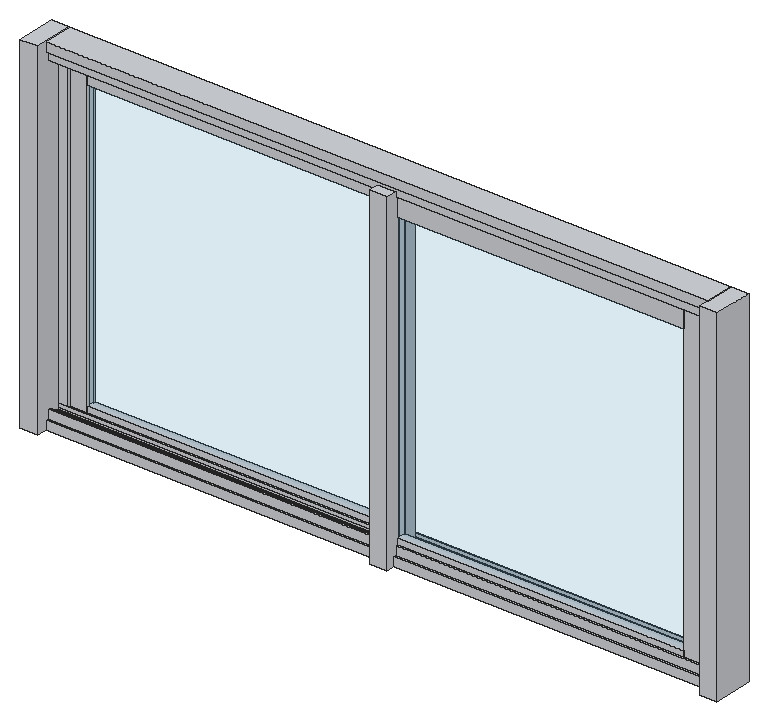
Revit family "Altitude® Sliding Window_SG&DG-XO_OX", category Windows, host Wall, Revit 2021 (continued)
Definition of nested family "DG Panel 1_APT42 APT19 APT20"
  Dimensions and locks
    equal spacing: plane 4, plane 3 "Center (Left/Right)", plane 13
    "Sash Width": plane 4 to plane 13
    "Height": plane 8 to plane 2
    locked: plane 4 to plane 6 at 58.505
    locked: plane 7 to plane 13 at 33
    locked: plane 14 to level at 47
    locked: plane 10 to plane 14 at 13
    plane 8 to plane 15 to plane 9 = 47.0000 mm locked, 13.0000 mm locked
    aligned and locked: level to plane 2
    aligned and locked: Extrusion 1 sketch curve to plane 16
    aligned and locked: Extrusion 1 sketch curve to plane 17
    aligned and locked: Extrusion 1 sketch curve to plane 18
    aligned and locked: Extrusion 1 sketch curve to plane 19
    aligned and locked: Extrusion 1 sketch curve to Extrusion 1 sketch curve  (x2)
    aligned and locked: Extrusion 1 to plane 6
    aligned and locked: plane 7 to Extrusion 1
    aligned and locked: Extrusion 1 to plane 14
    aligned and locked: plane 15 to Extrusion 1
    aligned and locked: plane 20 to nested 1
    aligned and locked: plane 1 "Center (Front/Back)" to nested 1
    aligned and locked: Masking region 1 sketch curve to nested 1  (x6)
    aligned and locked: nested 1 to Masking region 1 sketch curve  (x2)
    aligned and locked: Extrusion 2 sketch curve to nested 1  (x12)
    aligned and locked: Extrusion 2 to plane 12
    aligned and locked: plane 5 to Extrusion 2
    aligned and locked: plane 12 to nested 2
    aligned and locked: plane 1 "Center (Front/Back)" to nested 2
    aligned and locked: plane 5 to nested 3
    aligned and locked: plane 1 "Center (Front/Back)" to nested 3
    aligned and locked: plane 8 to nested 5
    aligned and locked: nested 5 to plane 1 "Center (Front/Back)"
    aligned and locked: nested 4 to level
    aligned and locked: plane 1 "Center (Front/Back)" to nested 4
    aligned and locked: Masking region 2 sketch curve to nested 2  (x12)
    aligned and locked: Masking region 2 sketch curve to nested 3  (x12)
    aligned and locked: Extrusion 3 sketch curve to nested 2  (x12)
    aligned and locked: Extrusion 3 sketch curve to nested 3  (x12)
    aligned and locked: Masking region 3 sketch curve to nested 4  (x7)
    aligned and locked: Masking region 3 sketch curve to nested 5  (x7)
    aligned and locked: Extrusion 4 sketch curve to nested 5  (x4)
    aligned and locked: Extrusion 4 sketch curve to nested 4  (x4)
    aligned and locked: Extrusion 3 to level
    aligned and locked: plane 8 to Extrusion 3
    aligned and locked: Extrusion 4 to plane 12
    aligned and locked: plane 5 to Extrusion 4
  Automatic sketch dimensions
    Extrusion 1 sketch curve to plane 12 = 12.0000 mm
    Extrusion 1 sketch curve to Extrusion 1 sketch curve = 1108.4951 mm
    Masking region 1 sketch curve to plane 19 = 0.5000 mm  (x2)
    plane 17 to Masking region 1 sketch curve = 5.5000 mm
    plane 16 to Masking region 1 sketch curve = 0.5000 mm
    Masking region 2 sketch curve to plane 4 = 0.0000 mm
    Masking region 2 sketch curve to plane 12 = 0.0000 mm  (x2)
    Masking region 2 sketch curve to plane 19 = 8.4003 mm
    Masking region 2 sketch curve to plane 19 = 3.4997 mm
    plane 4 to Masking region 2 sketch curve = 25.0000 mm  (x2)
    plane 16 to Masking region 2 sketch curve = 8.3997 mm
    plane 19 to Masking region 2 sketch curve = 1.0068 mm
    Masking region 2 sketch curve to plane 6 = 2.2049 mm
    Masking region 2 sketch curve to plane 16 = 1.0068 mm
    plane 16 to Masking region 2 sketch curve = 3.4997 mm
    Masking region 2 sketch curve to plane 5 = 0.0000 mm  (x2)
    Masking region 2 sketch curve to plane 13 = 0.0000 mm
    plane 7 to Masking region 2 sketch curve = 2.2000 mm
    plane 7 to Masking region 2 sketch curve = 6.1000 mm
    Masking region 2 sketch curve to Masking region 2 sketch curve = 9.7000 mm
    Masking region 2 sketch curve to plane 19 = 6.0694 mm
    Masking region 2 sketch curve to Masking region 2 sketch curve = 4.4581 mm
    Masking region 2 sketch curve to plane 19 = 3.5003 mm
    Masking region 2 sketch curve to plane 19 = 1.9003 mm
    plane 16 to Masking region 2 sketch curve = 1.8992 mm
    Masking region 2 sketch curve to Masking region 2 sketch curve = 1.6000 mm
    Extrusion 3 sketch curve to plane 4 = 0.0000 mm
    Extrusion 3 sketch curve to plane 12 = 0.0000 mm  (x2)
    Extrusion 3 sketch curve to plane 19 = 8.4003 mm
    Extrusion 3 sketch curve to plane 19 = 3.4997 mm
    plane 4 to Extrusion 3 sketch curve = 25.0000 mm  (x2)
    plane 16 to Extrusion 3 sketch curve = 8.3997 mm
    plane 19 to Extrusion 3 sketch curve = 1.0068 mm
    Extrusion 3 sketch curve to plane 6 = 2.2049 mm
    Extrusion 3 sketch curve to plane 16 = 1.0068 mm
    plane 16 to Extrusion 3 sketch curve = 3.4997 mm
    Extrusion 3 sketch curve to plane 5 = 0.0000 mm  (x2)
    Extrusion 3 sketch curve to plane 13 = 0.0000 mm
    plane 7 to Extrusion 3 sketch curve = 2.2000 mm
    plane 7 to Extrusion 3 sketch curve = 6.1000 mm
    Extrusion 3 sketch curve to Extrusion 3 sketch curve = 9.7000 mm
    Extrusion 3 sketch curve to plane 19 = 6.0694 mm
    Extrusion 3 sketch curve to Extrusion 3 sketch curve = 4.4581 mm
    Extrusion 3 sketch curve to plane 19 = 3.5003 mm
    Extrusion 3 sketch curve to plane 19 = 1.9003 mm
    plane 16 to Extrusion 3 sketch curve = 1.8992 mm
    Extrusion 3 sketch curve to Extrusion 3 sketch curve = 1.6000 mm
    Masking region 3 sketch curve to plane 10 = 0.0000 mm
    Masking region 3 sketch curve to plane 9 = 0.0000 mm
  Nested families
    nested 1: "DG Midrail_SE12 SE16" at (0, 0, 612.819) x (0, -1, 0) z (1, 0, 0), type "DG Midrail_SE12 SE16", detail levels fine
    nested 2: "Jamb APT42 APT19" at (-529.495, 0, 0), type "Jamb APT42 APT19", detail levels fine
    nested 3: "Jamb APT20" at (555, 0, 0), type "Jamb APT20", detail levels fine
    nested 4: "Head & Sill APT25" at (0, 0, 60) x (0, -1, 0) z (1, 0, 0), type "Head & Sill APT25", detail levels fine
    nested 5: "Head & Sill APT25" at (0, 0, 1140) x (0, 1, 0) z (1, 0, 0), type "Head & Sill APT25", detail levels fine
  Definition of nested family "DG Midrail_SE12 SE16"
    Reference planes
      plane 1 "Center (Front/Back)": y = 0
      plane 2: z = 0
      plane 3 "Center (Left/Right)": x = 0
      plane 4: y = 26.068
      plane 5: y = -25.933
      plane 6: x = 22.4
      plane 7: x = -22.4
    Dimensions and locks
      aligned and locked: plane 3 "Center (Left/Right)" to import instance
      aligned and locked: plane 1 "Center (Front/Back)" to import instance
      aligned and locked: plane 7 to import instance
      aligned and locked: plane 6 to import instance
      aligned and locked: plane 5 to import instance
      aligned and locked: plane 4 to import instance
  Definition of nested family "Jamb APT42 APT19"
    Reference planes
      plane 1 "Center (Front/Back)": y = 0
      plane 2: z = 0
      plane 3 "Center (Left/Right)": x = 0
      plane 4: x = -14.205
      plane 5: x = -70.505
    Dimensions and locks
      aligned and locked: plane 1 "Center (Front/Back)" to import instance
      aligned and locked: plane 3 "Center (Left/Right)" to import instance
      aligned and locked: plane 5 to import instance
      aligned and locked: plane 4 to import instance
  Definition of nested family "Jamb APT20"
    Reference planes
      plane 1 "Center (Front/Back)": y = 0
      plane 2: z = 0
      plane 3 "Center (Left/Right)": x = 0
      plane 4: x = 14.2
    Dimensions and locks
      aligned and locked: plane 1 "Center (Front/Back)" to import instance
      aligned and locked: import instance to plane 3 "Center (Left/Right)"
      aligned and locked: plane 4 to import instance
  Definition of nested family "Head & Sill APT25"
    Reference planes
      plane 1 "Center (Front/Back)": y = 0
      plane 2: z = 0
      plane 3 "Center (Left/Right)": x = 0
      plane 4: y = 14.2
      plane 5: y = 60
    Dimensions and locks
      aligned and locked: plane 1 "Center (Front/Back)" to import instance
      aligned and locked: plane 3 "Center (Left/Right)" to import instance
      aligned and locked: plane 4 to import instance
Definition of nested family "DETAIL_ARROW2"
  Reference planes
    plane 1 "Center (Front/Back)": y = 0
    plane 2: z = 0
    plane 3 "Center (Left/Right)": x = 0
    plane 4: y = 0
    plane 5: y = 140.838
    plane 6: x = 0
    plane 7: y = 140.838
    plane 8: x = 98.638
  Lines and regions (mm)
    detail lines, in view "Ref. Level"
      curve 1: line (-50.444, 6.6, 0) -> (15.556, 6.6, 0)
      curve 2: line (-50.444, -6.6, 0) -> (15.556, -6.6, 0)
      curve 3: line (-50.444, -6.6, 0) -> (-50.444, 6.6, 0)
      curve 4: line (15.556, 6.6, 0) -> (0, 22.156, 0)
      curve 5: line (15.556, -6.6, 0) -> (0, -22.156, 0)
      curve 6: line (40.824, 0, 0) -> (9.334, -31.49, 0)
      curve 7: line (40.824, 0, 0) -> (9.334, 31.49, 0)
      curve 8: line (0, 22.156, 0) -> (9.334, 31.49, 0)
      curve 9: line (0, -22.156, 0) -> (9.334, -31.49, 0)
    detail lines, in view "Ref. Level", not visible
      curve 10: line (48.194, 147.438, 0) -> (114.194, 147.438, 0)
      curve 11: line (48.194, 134.238, 0) -> (114.194, 134.238, 0)
      curve 12: line (48.194, 134.238, 0) -> (48.194, 147.438, 0)
      curve 13: line (114.194, 147.438, 0) -> (98.638, 162.994, 0)
      curve 14: line (114.194, 134.238, 0) -> (98.638, 118.681, 0)
      curve 15: line (139.462, 140.838, 0) -> (107.972, 109.347, 0)
      curve 16: line (139.462, 140.838, 0) -> (107.972, 172.328, 0)
      curve 17: line (98.638, 162.994, 0) -> (107.972, 172.328, 0)
      curve 18: line (98.638, 118.681, 0) -> (107.972, 109.347, 0)
      curve 19: line (48.194, 147.438, 0) -> (114.194, 147.438, 0)
      curve 20: line (48.194, 134.238, 0) -> (114.194, 134.238, 0)
      curve 21: line (48.194, 134.238, 0) -> (48.194, 147.438, 0)
      curve 22: line (114.194, 147.438, 0) -> (98.638, 162.994, 0)
      curve 23: line (114.194, 134.238, 0) -> (98.638, 118.681, 0)
      curve 24: line (139.462, 140.838, 0) -> (107.972, 109.347, 0)
      curve 25: line (139.462, 140.838, 0) -> (107.972, 172.328, 0)
      curve 26: line (98.638, 162.994, 0) -> (107.972, 172.328, 0)
      curve 27: line (98.638, 118.681, 0) -> (107.972, 109.347, 0)
  Dimensions and locks
    aligned and locked: plane 4 to plane 1 "Center (Front/Back)"
    aligned and locked: plane 3 "Center (Left/Right)" to plane 6
Definition of nested family "DETAIL_ARROW"
  Reference planes
    plane 1 "Center (Front/Back)": y = 0
    plane 2: z = 0
    plane 3 "Center (Left/Right)": x = 0
  Lines and regions (mm)
    detail lines, in view "Ref. Level"
      curve 1: line (-50, 10, 0) -> (50, 10, 0)
      curve 2: line (-50, -10, 0) -> (50, -10, 0)
      curve 3: line (-50, -10, 0) -> (-50, 10, 0)
      curve 4: line (50, 10, 0) -> (26.43, 33.57, 0)
      curve 5: line (50, -10, 0) -> (26.43, -33.57, 0)
      curve 6: line (88.284, 0, 0) -> (40.572, -47.712, 0)
      curve 7: line (88.284, 0, 0) -> (40.572, 47.712, 0)
      curve 8: line (26.43, 33.57, 0) -> (40.572, 47.712, 0)
      curve 9: line (26.43, -33.57, 0) -> (40.572, -47.712, 0)
Definition of nested family "Ext Head_APT5"
  Reference planes
    plane 1 "Center (Front/Back)": y = 0
    plane 2: z = 0
    plane 3 "Center (Left/Right)": x = 0
    plane 4: y = 35.5
    plane 5: x = -50.8
    plane 6: x = -17.4
    plane 7: y = -10.5
    plane 8: x = -76
  Dimensions and locks
    aligned and locked: plane 1 "Center (Front/Back)" to import instance
    aligned and locked: import instance to plane 3 "Center (Left/Right)"
    aligned and locked: plane 5 to import instance
    aligned and locked: plane 6 to import instance
    aligned and locked: plane 4 to import instance
    aligned and locked: plane 7 to import instance
    aligned and locked: plane 8 to import instance
Definition of nested family "Ext Sill_ APT1S AS554 APT29 APT5"
  Reference planes
    plane 1 "Center (Front/Back)": y = 0
    plane 2: z = 0
    plane 3 "Center (Left/Right)": x = 0
    plane 4: y = 35.5
    plane 5: y = 46
    plane 6: x = 76
    plane 7: x = 58.6
    plane 8: x = 25.2
  Dimensions and locks
    aligned and locked: plane 1 "Center (Front/Back)" to import instance
    aligned and locked: import instance to plane 3 "Center (Left/Right)"
    aligned and locked: plane 6 to import instance
    aligned and locked: plane 5 to import instance
    aligned and locked: plane 4 to import instance
    aligned and locked: plane 7 to import instance
    aligned and locked: plane 8 to import instance
Definition of nested family "Ext Frame ME1 ME8"
  Reference planes
    plane 1 "Center (Front/Back)": y = 0
    plane 2: z = 0
    plane 3 "Center (Left/Right)": x = 0
    plane 4: y = 33.4
    plane 5: x = -44.5
  Dimensions and locks
    aligned and locked: plane 3 "Center (Left/Right)" to import instance
    aligned and locked: plane 1 "Center (Front/Back)" to import instance
    aligned and locked: plane 5 to import instance
    aligned and locked: plane 4 to import instance
